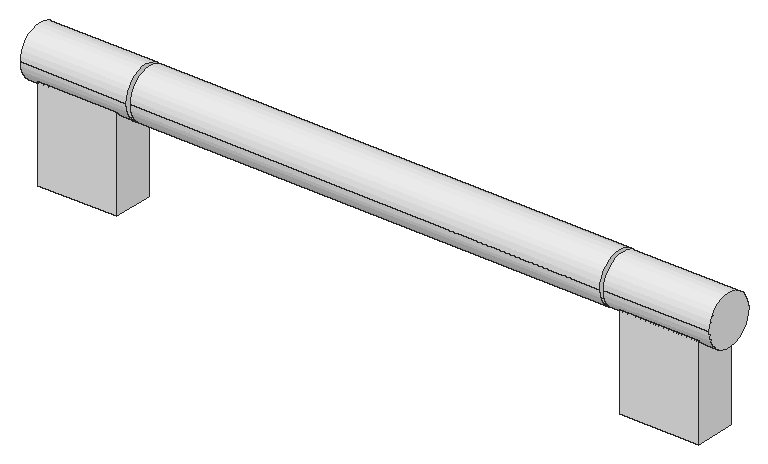
Revit family "KEUCO_14907010000_", category Generic Models, Revit 2016
Family settings
  Part Type = Normal
  Can host rebar = No
  Round Connector Dimension = Use Diameter
  Work Plane-Based = Yes
  Always vertical = No
  Cut with Voids When Loaded = No
  Shared = No
  Room Calculation Point = No
Parameters
  Default Elevation = 1219.2 mm
  Verwendung = "BI / DU / WA"  # constant formula
  URL = "https://www.keuco.com"
  Serie = "Plan"  # constant formula
  Stange Material = Verchromt
  Rail Length = 351 mm
  Preisgruppe = ""
  Materialien bei Hersteller anfragen = "Anfrage zu:  objektmanagement@keuco.de"
  Kategorie = ""
  Manufacturer = "KEUCO"  # constant formula
  Gewicht = 0
  Description = "--"
  Assembly Code = ""
  Ausschreibungstext = ""
  Artikelnummer = "14907010000"
Types (4, lengths in mm): name | URL | Stange Material | Materialien bei Hersteller anfragen | Ausschreibungstext | Artikelnummer
  (no name) | "https://www.keuco.com" | Verchromt | "Anfrage zu:  objektmanagement@keuco.de" | "" | "14907010000"
  14907010000 | "https://www.keuco.com/de/produkte/sortiment/artikel/?pid=14907&oid=1&pgo=2&country=de&lang=de&vid=14907010000" | Verchromt | "Request to:  objektmanagement@keuco.de" | "KEUCO PLAN Haltegriff 14907010000\r\nHochglanzverchromter Haltegriff \r\nin ästhetischem, funktionalem Design\r\nbis 115 kg belastbar, antistatisch, leicht zu reinigen\r\nAchsmaß 300 mm, bei einer Gesamtbreite von 351 mm\r\nAusladung 67 mm\r\nBaumuster geprüft\r\nDer Haltegriff wird verdeckt angebracht\r\nLieferung inkl. korrosionsfreiem Befestigungsmaterial" | "14907010000"
  14907070000 | "https://www.keuco.com/de/produkte/sortiment/artikel/?pid=14907&oid=1&pgo=2&country=de&lang=de&vid=14907070000" | Edelstahl | "Request to:  objektmanagement@keuco.de" | "KEUCO PLAN Haltegriff 14907070000\r\nHaltegriff aus hochwertigem Edelstahl\r\nin ästhetischem, funktionalem Design\r\nbis 115 kg belastbar, antistatisch, leicht zu reinigen\r\nAchsmaß 300 mm, bei einer Gesamtbreite von 351 mm\r\nAusladung 67 mm\r\nBaumuster geprüft\r\nDer Haltegriff wird verdeckt angebracht\r\nLieferung inkl. korrosionsfreiem Befestigungsmaterial" | "14907070000"
  14907170000 | "https://www.keuco.com/de/produkte/sortiment/artikel/?pid=14907&oid=1&pgo=2&country=de&lang=de&vid=14907170000" | Aluminium silber-eloxiert (E6 EV1) | "Request to:  objektmanagement@keuco.de" | "KEUCO PLAN Haltegriff 14907170000\r\nEleganter Haltegriff \r\naus silber-eloxiertem Aluminium (E6 EV1)/verchromt in\r\nästhetischem, funktionalem Design\r\nbis 115 kg belastbar, antistatisch, leicht zu reinigen\r\nDie Wandhalterungen sind als Design-Element hochglanzverchromt\r\nAchsmaß 300 mm, bei einer Gesamtbreite von 351 mm\r\nAusladung 67 mm\r\nBaumuster geprüft\r\nDer Haltegriff wird verdeckt angebracht\r\nLieferung inkl. korrosionsfreiem Befestigungsmaterial" | "14907170000"
Reference planes
  plane 1 "Center (Front/Back)": y = 0
  plane 2: z = 0
  plane 3 "Center (Left/Right)": x = 0
  plane 4: x = -175.5
  plane 5: x = 175.5
  plane 6: x = -168.156
  plane 7: x = -128.156
  plane 8: x = 128.375
  plane 9: x = 168.375
  plane 10: x = -121.486
  plane 11: x = 121.812
Forms (mm)
  Extrusion 1, solid, material "Verchromt" <- "Stange Material", detail levels coarse
    sketch origin (0, 0, 0) x (0, 1, 0) y (0, 0, 1)
      loop
        circle (0, 54.743) r 12.5
    from -175.5 to 175.5
  Extrusion 2, solid, material "Verchromt" <- "Stange Material"
    sketch origin (0, 0, 0) x (0, 1, 0) y (0, 0, 1)
      loop
        line (10.29, 0) -> (10.29, 47.606)
        arc (10.29, 47.606) -> (0, 42.243) -> (-10.29, 47.606) r 12.553
        line (-10.29, 47.606) -> (-10.29, 0) -> (10.29, 0)
    from -168.156 to -128.156
  Extrusion 3, solid, material "Verchromt" <- "Stange Material"
    sketch origin (0, 0, 0) x (0, 1, 0) y (0, 0, 1)
      loop
        line (10.29, 0) -> (10.29, 47.606)
        arc (10.29, 47.606) -> (0, 42.243) -> (-10.29, 47.606) r 12.553
        line (-10.29, 47.606) -> (-10.29, 0) -> (10.29, 0)
    from 128.375 to 168.375
  Extrusion 4, solid, material "Verchromt" <- "Stange Material", detail levels medium+fine
    sketch origin (0, 0, 0) x (0, 1, 0) y (0, 0, 1)
      loop
        circle (0, 54.743) r 12.5
    from -175.5 to -121.486
  Extrusion 5, solid, material "Verchromt" <- "Stange Material", detail levels medium+fine
    sketch origin (0, 0, 0) x (0, 1, 0) y (0, 0, 1)
      loop
        circle (0, 54.743) r 12.5
    from 121.812 to 175.5
  Extrusion 6, solid, material "Verchromt" <- "Stange Material", detail levels medium+fine
    sketch origin (0, 0, 0) x (0, 1, 0) y (0, 0, 1)
      loop
        circle (0, 54.743) r 12.5
    from -119.425 to 119.872
Dimensions and locks
  equal spacing: Extrusion 2 sketch curve, plane 1 "Center (Front/Back)", Extrusion 2 sketch curve
  equal spacing: plane 5, plane 3 "Center (Left/Right)", plane 4
  "Rail Length": plane 5 to plane 4
  locked: plane 6 to plane 4 at 7.344
  locked: plane 5 to plane 9 at 7.125
  locked: plane 7 to plane 6 at 40
  locked: plane 9 to plane 8 at 40
  Extrusion 3 sketch curve to Extrusion 3 sketch curve = 20.58 mm
  locked: plane 10 to plane 7 at 6.671
  locked: plane 8 to plane 11 at 6.563
  locked: plane 10 to Extrusion 6 at 2.06
  locked: Extrusion 6 to plane 11 at 1.941
  aligned and locked: level to plane 2
  aligned and locked: Extrusion 2 to plane 6
  aligned and locked: plane 7 to Extrusion 2
  aligned and locked: Extrusion 1 to plane 4
  aligned and locked: plane 5 to Extrusion 1
  aligned and locked: plane 9 to Extrusion 3
  aligned and locked: Extrusion 3 to plane 8
  aligned and locked: Extrusion 5 to Extrusion 1
  aligned and locked: plane 10 to Extrusion 4
  aligned and locked: Extrusion 1 to Extrusion 4
  aligned and locked: plane 5 to Extrusion 5
  aligned and locked: Extrusion 5 to plane 11
Automatic sketch dimensions
  Extrusion 1 sketch curve to plane 1 "Center (Front/Back)" = 0 mm
  level to Extrusion 1 sketch curve = 54.743 mm
  Extrusion 2 sketch curve to level = 0 mm
  Extrusion 2 sketch curve to plane 1 "Center (Front/Back)" = 0 mm
  plane 1 "Center (Front/Back)" to Extrusion 2 sketch curve = 10.29 mm
  level to Extrusion 2 sketch curve = 47.606 mm
  Extrusion 2 sketch curve to Extrusion 2 sketch curve = 7.19 mm
  Extrusion 3 sketch curve to level = 0 mm
  Extrusion 3 sketch curve to plane 1 "Center (Front/Back)" = 0 mm
  plane 1 "Center (Front/Back)" to Extrusion 3 sketch curve = 10.29 mm
  Extrusion 3 sketch curve to plane 1 "Center (Front/Back)" = 10.29 mm
  level to Extrusion 3 sketch curve = 47.606 mm
  Extrusion 3 sketch curve to Extrusion 3 sketch curve = 7.19 mm
  Extrusion 4 sketch curve to plane 1 "Center (Front/Back)" = 0 mm
  level to Extrusion 4 sketch curve = 54.743 mm
  Extrusion 5 sketch curve to plane 1 "Center (Front/Back)" = 0 mm
  level to Extrusion 5 sketch curve = 54.743 mm
  plane 1 "Center (Front/Back)" to Extrusion 6 sketch curve = 0 mm
  level to Extrusion 6 sketch curve = 54.743 mm
  radius of Extrusion 1 sketch curve = 12.5 mm
  radius of Extrusion 4 sketch curve = 12.5 mm
  radius of Extrusion 5 sketch curve = 12.5 mm
  radius of Extrusion 6 sketch curve = 12.5 mm
